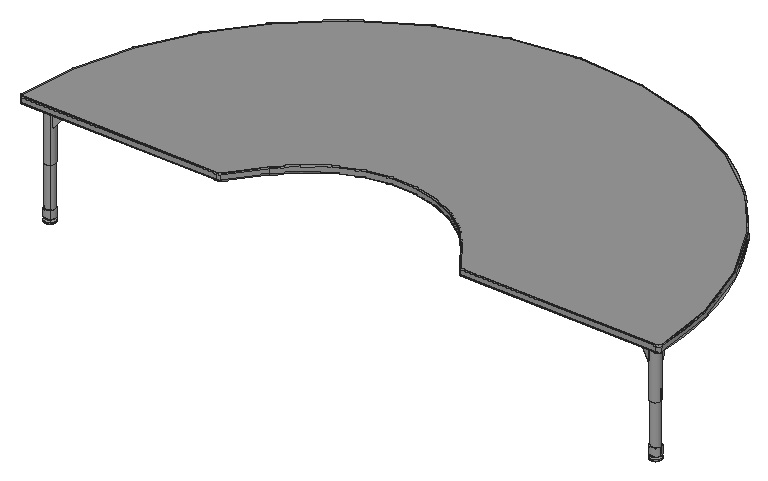
Revit family "Hierarchy Activity Kidney Table - Youth Height", category Furniture, Revit 2018
Family settings
  Work Plane-Based = No
  Always vertical = Yes
  Cut with Voids When Loaded = No
  Shared = No
  Room Calculation Point = No
Parameters
  Table Height = 1' - 4"
  Surface = Hierarchy Activity Kidney Table Youth Surface
  Leg Finish = Hierarchy Leg Platinum
  Caster/Glide = Hierarchy Youth Leg - Glide : Hierarchy Youth Leg - Glide
  Edgeband = Hierarchy Activity Kidney Table Youth Edgeband
Reference planes (in)
  plane 1 "Center (Front/Back)": y = 0
  plane 2: z = 0
  plane 3 "Center (Left/Right)": x = 0
  plane 4: z = 16
Dimensions and locks (in)
  "Table Height": plane 4 to level
  aligned and locked: plane 2 to level
  aligned and locked: nested 1 to plane 4
Nested families (in)
  nested 1: "Activity Kidney Tabletop" at (0, 0, -7.9249997), type "Activity Kidney Tabletop"
  nested 2: "Hierarchy Youth Leg - Glide" at (-45.341817, -19.0944657, 0) x (-0.7071, 0.7071, 0) z (0, 0, 1), type <- "Caster/Glide", Leg Finish <- "Leg Finish", Leg Height <- "Table Height", type "Hierarchy Youth Leg - Glide"
    with Leg Height 1' - 4", Leg Finish Hierarchy Leg Platinum
  nested 3: "Hierarchy Youth Leg - Glide" at (-19.0906754, 18.3262556, 0) x (0.9008, 0.4343, 0) z (0, 0, 1), Leg Finish <- "Leg Finish", Leg Height <- "Table Height", type "Hierarchy Youth Leg - Glide"
    with Leg Height 1' - 4", Leg Finish Hierarchy Leg Platinum
  nested 4: "Hierarchy Youth Leg - Glide" at (45.341817, -19.0944657, 0) x (0.7071, 0.7071, 0) z (0, 0, 1), type <- "Caster/Glide", Leg Finish <- "Leg Finish", Leg Height <- "Table Height", type "Hierarchy Youth Leg - Glide"
    with Leg Height 1' - 4", Leg Finish Hierarchy Leg Platinum
  nested 5: "Hierarchy Youth Leg - Glide" at (19.0906754, 18.3262556, 0) x (-0.9008, 0.4343, 0) z (0, 0, 1), Leg Finish <- "Leg Finish", Leg Height <- "Table Height", type "Hierarchy Youth Leg - Glide"
    with Leg Height 1' - 4", Leg Finish Hierarchy Leg Platinum
Definition of nested family "Activity Kidney Tabletop"
  Parameters (values of type "Activity Kidney Tabletop")
    Surface = none
    Edgeband = none
  Reference planes (in)
    plane 1 "Center (Front/Back)": y = 0
    plane 2: z = 0
    plane 3 "Center (Left/Right)": x = 0
  Forms (in)
    Extrusion 1, solid, material <- "Surface"
      sketch origin (2.1947236, 0, 0) x (1, 0, 0) y (0, 1, 0)
        loop
          line (-49.6880493, -21.5486813) -> (-20.4447227, -21.5486813)
          arc (-20.4447227, -21.5486813) -> (-20.2739365, -21.5083641) -> (-20.1392111, -21.3959254) r 0.3818893
          line (-20.1392111, -21.3959254) -> (-16.6892109, -16.7959213)
          arc (-16.6892109, -16.7959213) -> (-2.1947211, -9.5486737) -> (12.2997673, -16.7959242) r 18.1181046
          line (12.2997673, -16.7959242) -> (15.7497638, -21.3959253)
          arc (15.7497638, -21.3959253) -> (15.8844892, -21.5083641) -> (16.0552754, -21.5486813) r 0.3818893
          line (16.0552754, -21.5486813) -> (45.2986021, -21.5486813)
          arc (45.2986021, -21.5486813) -> (45.5714831, -21.4356503) -> (45.684514, -21.1627693) r 0.3859119
          arc (45.684514, -21.1627693) -> (39.4528252, 1.8395118) -> (22.9811196, 19.0622234) r 48.3004507
          arc (22.9811196, 19.0622234) -> (-4.5558124, 26.2247125) -> (-31.2504358, 16.3768215) r 47.5352791
          arc (-31.2504358, 16.3768215) -> (-44.9447232, -0.2455821) -> (-50.0739613, -21.1627693) r 48.4097031
          arc (-50.0739613, -21.1627693) -> (-49.9609303, -21.4356503) -> (-49.6880493, -21.5486813) r 0.3859119
      from 23.9249997 to 24.9250031
    Sweep 2, solid, material <- "Edgeband"
      path origin (2.1947236, 0, 0) x (1, 0, 0) y (0, 1, 0)
        loop
          line (-49.6880493, -21.5486813) -> (-20.4447227, -21.5486813)
          arc (-20.4447227, -21.5486813) -> (-20.2739365, -21.5083641) -> (-20.1392111, -21.3959254) r 0.3818893
          line (-20.1392111, -21.3959254) -> (-16.6892109, -16.7959213)
          arc (-16.6892109, -16.7959213) -> (-2.1947211, -9.5486737) -> (12.2997673, -16.7959242) r 18.1181046
          line (12.2997673, -16.7959242) -> (15.7497638, -21.3959253)
          arc (15.7497638, -21.3959253) -> (15.8844892, -21.5083641) -> (16.0552754, -21.5486813) r 0.3818893
          line (16.0552754, -21.5486813) -> (45.2986021, -21.5486813)
          arc (45.2986021, -21.5486813) -> (45.5714831, -21.4356503) -> (45.684514, -21.1627693) r 0.3859119
          arc (45.684514, -21.1627693) -> (39.4528252, 1.8395118) -> (22.9811196, 19.0622234) r 48.3004507
          arc (22.9811196, 19.0622234) -> (-4.5558124, 26.2247125) -> (-31.2504358, 16.3768215) r 47.5352791
          arc (-31.2504358, 16.3768215) -> (-44.9447232, -0.2455821) -> (-50.0739613, -21.1627693) r 48.4097031
          arc (-50.0739613, -21.1627693) -> (-49.9609303, -21.4356503) -> (-49.6880493, -21.5486813) r 0.3859119
      profile origin (-32.8716624, -21.5486813, 0) x (0, 1, 0) y (0, 0, 1)
        loop
          arc (0, 24.9250031) -> (-0.0835155, 24.8904098) -> (-0.1181087, 24.8068943) r 0.1181087
          line (-0.1181087, 24.8068943) -> (-0.1181087, 24.0431099)
          arc (-0.1181087, 24.0431099) -> (-0.0835155, 23.9595944) -> (0, 23.9250011) r 0.1181087
          line (0, 23.9250011) -> (0, 24.9250031)
  Dimensions and locks (in)
    aligned and locked: plane 2 to level
Definition of nested family "Hierarchy Youth Leg - Glide"
  Parameters (values of type "Hierarchy Youth Leg - Glide")
    Leg Finish [instance] = none
    Leg Height [instance] = 1' - 4.80117"
  Reference planes (in)
    plane 1 "Center (Front/Back)": y = 0
    plane 2: z = 0
    plane 3 "Center (Left/Right)": x = 0
  Forms (in)
    Extrusion 1, solid
      sketch origin (-0.015625, 0, 0) x (1, 0, 0) y (0, 1, 0)
        loop
          circle (0.015625, 0) r 0.6701606
      from 0.6761811 to 10.5501811
    Revolve 2, solid
      sketch origin (0, 0, 0) x (1, 0, 0) y (0, 0, 1)
        loop
          line (-0.7318851, 1.8011811) -> (-0.7943912, 1.7386749) -> (-0.7943912, 0.613811) -> (-0.7317613, 0.5511811) -> (-0.1250031, 0.5511811) -> (-0.1250031, 0.4261832) -> (-0.8465643, 0.1624109) -> (-0.8465643, 0.0899363) -> (-0.8135931, 0) -> (0, 0) -> (0, 1.8011811) -> (-0.7318851, 1.8011811)
        axis (0, 1.8011811) -> (0, 0)
      angle from 0 to 360
  Dimensions and locks (in)
    "Leg Height": nested 1 to level  (x2)
    aligned and locked: plane 2 to level
  Automatic sketch dimensions
    plane 1 "Center (Front/Back)" to Extrusion 1 sketch curve = 0' - 0"
    Extrusion 1 sketch curve to plane 3 "Center (Left/Right)" = 0' - 0"
    Revolve 2 sketch curve to level = 0' - 0"
    Revolve 2 sketch curve to plane 3 "Center (Left/Right)" = 0' - 0"  (x2)
    Revolve 2 sketch curve to plane 3 "Center (Left/Right)" = 0' - 0 1/8"
    Revolve 2 sketch curve to Revolve 2 sketch curve = 0' - 0.60676"
    Revolve 2 sketch curve to Revolve 2 sketch curve = 0' - 0.73189"
    Revolve 2 sketch curve to Revolve 2 sketch curve = 0' - 0.06263"  (x2)
    Revolve 2 sketch curve to Revolve 2 sketch curve = 0' - 0.08183"
    Revolve 2 sketch curve to Revolve 2 sketch curve = 0' - 0.03297"
    level to Revolve 2 sketch curve = 0' - 0.08994"
    Revolve 2 sketch curve to Revolve 2 sketch curve = 0' - 0.07247"
    level to Revolve 2 sketch curve = 0' - 0.42618"
    Revolve 2 sketch curve to Revolve 2 sketch curve = 0' - 0 1/8"
    Revolve 2 sketch curve to Revolve 2 sketch curve = 0' - 1.12486"
    Revolve 2 sketch curve to Revolve 2 sketch curve = 0' - 0 1/16"
    Revolve 2 sketch curve to level = 2' - 0"
    Revolve 2 sketch curve to Revolve 2 sketch curve = 8' - 4.91764"
    radius of Extrusion 1 sketch curve = 0' - 0.67016"
  Nested families (in)
    nested 1: "Hierarchy Youth Upper Leg 2023" at (0, 0, 0), Leg Finish <- "Leg Finish", type "Hierarchy Youth Upper Leg 2023"
      with Leg Finish none
  Definition of nested family "Hierarchy Youth Upper Leg 2023"
    Parameters (values of type "Hierarchy Youth Upper Leg 2023")
      Leg Finish [instance] = none
    Reference planes (in)
      plane 1 "Center (Front/Back)": y = 0
      plane 2: z = 0
      plane 3 "Center (Left/Right)": x = 0
    Forms (in)
      Extrusion 1, solid, material <- "Leg Finish"
        sketch origin (0, 0, -11.001) x (1, 0, 0) y (0, 1, 0)
          loop
            circle (0, 0) r 0.75
        from 19.6761811 to 27.6761811
      Extrusion 2, solid, material <- "Leg Finish"
        sketch origin (0, 0, -11.001) x (1, 0, 0) y (0, 1, 0)
          loop
            line (-1.7017431, 0.1918316) -> (-2.8862648, -2.2611586)
            arc (-2.8862648, -2.2611586) -> (-2.839928, -3.0982194) -> (-2.1062992, -3.503937) r 0.8661417
            line (-2.1062992, -3.503937) -> (2.1062992, -3.503937)
            arc (2.1062992, -3.503937) -> (2.839928, -3.0982194) -> (2.8862648, -2.2611586) r 0.8661417
            line (2.8862648, -2.2611586) -> (1.7017431, 0.1918316)
            arc (1.7017431, 0.1918316) -> (0, 1.2598425) -> (-1.7017431, 0.1918316) r 1.8897638
        from 27.6761811 to 27.8021654
      Extrusion 3, solid, material <- "Leg Finish"
        sketch origin (-1.4851906, 8.6652431, -11.001) x (-0.434844, 0.900506, 0) y (0, 0, 1)
          loop
            line (-9.014247, 27.6761811) -> (-11.8095226, 27.6761811)
            arc (-11.8095226, 27.6761811) -> (-11.9232546, 27.5899308) -> (-11.8708805, 27.4571489) r 0.1181102
            arc (-11.8708805, 27.4571489) -> (-10.3936377, 26.2967904) -> (-9.2332792, 24.8195476) r 7.8740157
            arc (-9.2332792, 24.8195476) -> (-9.1004973, 24.7671735) -> (-9.014247, 24.8809055) r 0.1181102
            line (-9.014247, 24.8809055) -> (-9.014247, 27.6761811)
        from -1.9407463 to -1.8147621
      Extrusion 4, solid, material <- "Leg Finish"
        sketch origin (1.4851906, 8.6652431, -11.001) x (0.434844, 0.900506, 0) y (0, 0, -1)
          loop
            line (-9.014247, -27.6761811) -> (-9.014247, -24.8809055)
            arc (-9.014247, -24.8809055) -> (-9.1004973, -24.7671735) -> (-9.2332792, -24.8195476) r 0.1181102
            arc (-9.2332792, -24.8195476) -> (-10.3936377, -26.2967904) -> (-11.8708805, -27.4571489) r 7.8740157
            arc (-11.8708805, -27.4571489) -> (-11.9232546, -27.5899308) -> (-11.8095226, -27.6761811) r 0.1181102
            line (-11.8095226, -27.6761811) -> (-9.014247, -27.6761811)
        from -1.9407463 to -1.8147621
    Dimensions and locks (in)
      aligned and locked: plane 2 to level
